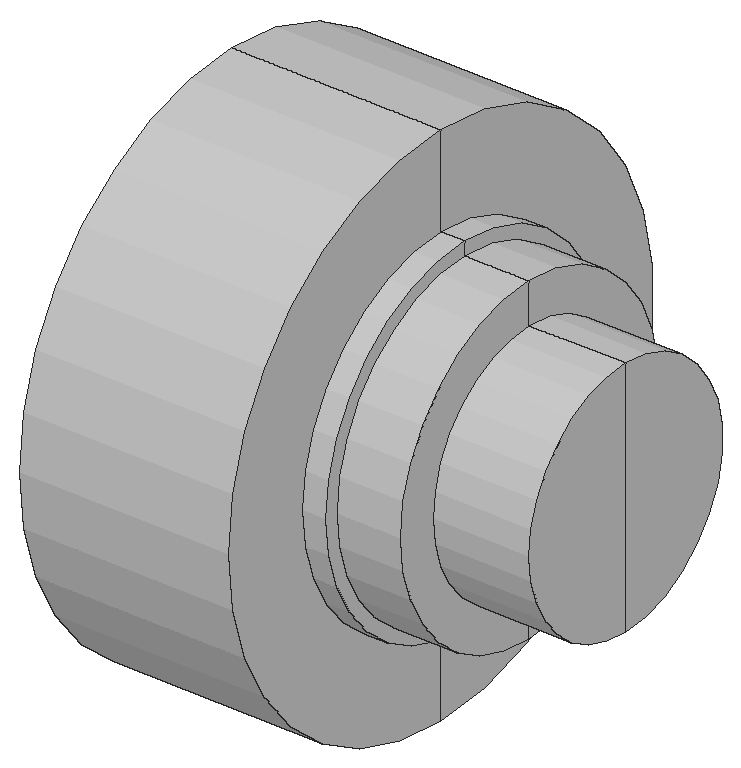
Revit family "6252 11_Heizkörperanschluß mit Konus", category Rohrformteile, Revit 2021
Family settings
  Bemaßung runder Anschluss = Durchmesser verwenden
  Teiletyp = Verbindung
  OmniClass-Nummer = 23.65.55.14
  OmniClass-Titel = Valves for Liquid Services
  Arbeitsebenenbasiert = Nein
  Immer vertikal = Ja
  Beim Laden mit Abzugskörper schneiden = Nein
  Gemeinsam genutzt = Nein
Parameters (values of type "G3/4 x G1/2")
  Vorgabe-Ansicht = 0 mm
  URL = "www.herz-armaturen.at"
  SCRNSEQ = "AWI;AWI_TYP=\"1001\";2"
  SCRNCODE = "07;01;02"  # constant formula
  S02 = 8 mm  # constant formula
  S01 = GT  # 8.5 mm
  O-Ring = "EPDM"  # constant formula
  Nennweite_AG = 15 mm  # constant formula
  Nennweite_IG = 20 mm  # constant formula
  Mutter = "Messing CW614N, vernickelt"  # constant formula
  Max. Betriebstemperatur = 110 °C  # constant formula
  Max. Betriebsdruck = 1000000.0 Pa  # constant formula
  Medium = "Heizungswasser nach ÖNORM H5195 oder VDI- Richtlinie 2035.\r\nDie Verwendung von Ethylen- oder Propyleneglykol in einem Mischungsverhältnis 25- 50% ist zulässig."
  L03 = 10 mm  # constant formula
  GT = 8.5 mm  # constant formula
  L02 = 6 mm  # constant formula
  L01 = 13 mm  # constant formula
  L00 = 24.5 mm  # constant formula
  Hersteller = "HERZ Armaturen Ges.m.b.H."  # constant formula
  D04 = 7.5 mm  # constant formula
  Bestellnummer = 1625211  # constant formula
  D03 = 10 mm  # constant formula
  D02 = 10.8 mm  # constant formula
  D01 = 10 mm  # constant formula
  D00 = 16.5 mm  # constant formula
  Ausführung = "Heizkörperanschluss mit freidrehender Überwurfmutter G3/4\" und O-Ringdichtung."
  Anschlussstück = "Messing CW614N, vernickelt"  # constant formula
Reference planes
  plane 1 "Mitte (Vorne/hinten)": y = 0
  plane 2: z = 0
  plane 3 "Mitte (Links/rechts)": x = 0
Forms (mm)
  Revolve 1, solid, material "Messing, vernickelt", detail levels fine
    sketch origin (0, 0, 0) x (1, 0, 0) y (0, 0, 1)
      loop
        line (0, 10) -> (8.5, 10) -> (8.5, 0) -> (24.5, 0) -> (24.5, 7.5) -> (18.5, 7.5) -> (18.5, 10) -> (14.5, 10) -> (14.5, 10.8) -> (13, 10.8) -> (13, 16.5) -> (0, 16.5) -> (0, 10)
      axis (0, 0) -> (24.5, 0)
    angle from 0 to 360
Lines and regions (mm)
  model lines, detail levels coarse+medium
    curve 1: line (0, 0, 0) -> (24.5, 0, 0)
    curve 2: line (8.5, 0, 16.5) -> (8.5, 0, -16.5)
    curve 3: line (8.5, 0, -16.5) -> (16.5, 0, -16.5)
    curve 4: line (16.5, 0, -16.5) -> (8.5, 0, 0)
    curve 5: line (8.5, 0, 16.5) -> (16.5, 0, 16.5)
    curve 6: line (16.5, 0, 16.5) -> (8.5, 0, 0)
    curve 7: line (8.5, 16.5, 0) -> (8.5, -16.5, 0)
    curve 8: line (8.5, -16.5, 0) -> (16.5, -16.5, 0)
    curve 9: line (16.5, -16.5, 0) -> (8.5, 0, 0)
    curve 10: line (8.5, 16.5, 0) -> (16.5, 16.5, 0)
    curve 11: line (16.5, 16.5, 0) -> (8.5, 0, 0)
Dimensions and locks
  "L01": Revolve 1 sketch curve to plane 3 "Mitte (Links/rechts)"
  "L00": Revolve 1 sketch curve to plane 3 "Mitte (Links/rechts)"
  "D00": Revolve 1 sketch curve to plane 2
  "L03": Revolve 1 sketch curve to Revolve 1 sketch curve
  "D01": Revolve 1 sketch curve to plane 2
  "D02": Revolve 1 sketch curve to plane 2
  "D03": Revolve 1 sketch curve to plane 2
  "GT": Revolve 1 sketch curve to plane 3 "Mitte (Links/rechts)"
  "L00": curve 1 to curve 1
  "S01": curve 2 to plane 3 "Mitte (Links/rechts)"
  "S02": curve 2 to curve 6
  "S02": curve 2 to curve 4
  "S01": curve 1 to curve 7
  "S02": curve 7 to curve 11
  "S02": curve 7 to curve 9
  "D00": curve 8 to plane 1 "Mitte (Vorne/hinten)" to curve 10
  "D00": curve 5 to plane 2 to curve 3
  "D04": Revolve 1 sketch curve to plane 2
  "L02": Revolve 1 sketch curve to Revolve 1 sketch curve
  aligned and locked: level to plane 2
Automatic sketch dimensions
  curve 1 to level = 0 mm
  curve 1 to plane 3 "Mitte (Links/rechts)" = 0 mm
  curve 4 to level = 0 mm
  curve 6 to curve 4 = 0 mm
  plane 1 "Mitte (Vorne/hinten)" to curve 9 = 0 mm
  plane 1 "Mitte (Vorne/hinten)" to curve 11 = 0 mm
  Revolve 1 sketch curve to level = 0 mm  (x2)
  Revolve 1 sketch curve to plane 3 "Mitte (Links/rechts)" = 0 mm
  Revolve 1 sketch curve to plane 3 "Mitte (Links/rechts)" = 1506.53 mm
  Revolve 1 sketch curve to Revolve 1 sketch curve = 1792.148 mm
Connectors
  piping at (8.5, 0, 0), diameter 20, driven by "Nennweite_IG"
    settings: on Revolve 1, index 1, connector inside diameter 609.6 mm, connector length 0 mm, flow factor 0, pipe flow 0.0 L/s, pressure drop 0.0 Pa, fitting loss kfactor 0, connector angle 0.00°, fixture units 0, engagement length 0 mm, angle of deflection 0.00°, flow configuration 0, flow direction 0, fitting loss method 0, system type 29, joint type 0, gender type 0, connector reference index -1, connector utility 0, adjustable connector no, is connector primary yes, connector description ""
  piping at (24.5, 0, 0), diameter 15, driven by "Nennweite_AG"
    settings: on Revolve 1, index 2, connector inside diameter 609.6 mm, connector length 0 mm, flow factor 0, pipe flow 0.0 L/s, pressure drop 0.0 Pa, fitting loss kfactor 0, connector angle 0.00°, fixture units 0, engagement length 0 mm, angle of deflection 0.00°, flow configuration 0, flow direction 0, fitting loss method 0, system type 29, joint type 0, gender type 0, connector reference index -1, connector utility 0, adjustable connector no, is connector primary no, connector description ""
